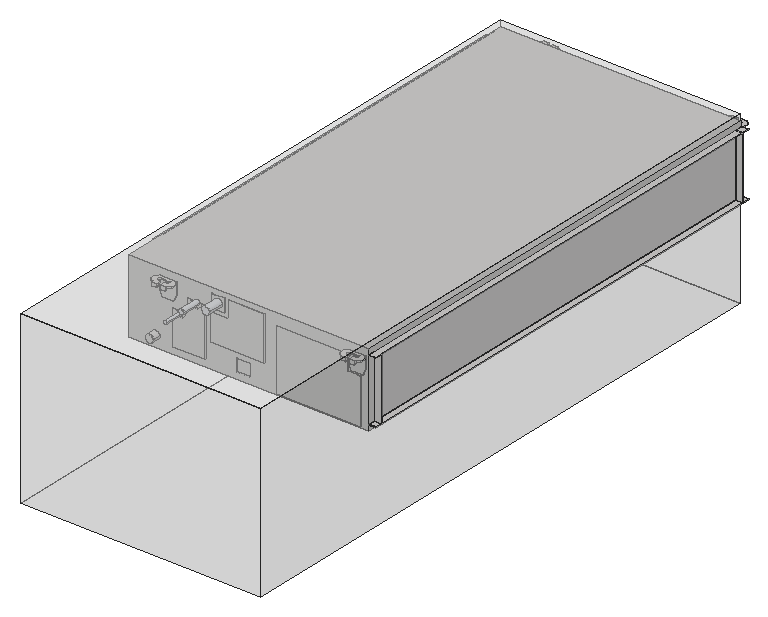
Revit family "outputfile", category 機械設備, Revit 2024
Family settings
  丸型コネクタ寸法 = 半径を使用
  パーツ タイプ = 標準
  OmniClass 番号 = 23.75.10.24.21.27.27
  OmniClass タイトル = Split System Air Conditioning Units
  作業面ベース = いいえ
  常に垂直 = はい
  ロード時にボイドで切り取り = いいえ
  注釈の向きを維持 = いいえ
  共有 = いいえ
  部屋計算ポイント = はい
Parameters (values of type "FXSQ140PAV4")
  Description = ""
  製造元 = "Daikin"
  書き出し IFC クラス(タイプ) = "IfcUnitaryEquipmentType"
  定義済み IFC タイプ(タイプ) = "AIRCONDITIONINGUNIT"
  Cost = 0
  モデル = "FXSQ140PAV4"
  Type Comments = ""
  Keynote = ""
  Type Image = (empty or 0)
  Assembly Code = ""
  r_Liquid Pipe Size = Liquid Pipe Size / 2  # 4.75 mm
  r_Gas Pipe Size = Gas Pipe Size / 2  # 7.95 mm
  r_Drain Pipe Size = Drain Pipe Size / 2  # 12.5 mm
  lw_power = 770.0 mm  # constant formula
  lh_SA = 138.0 mm  # constant formula
  lw_SA = if(Depth = 550.0 mm, 225.0 mm, if(Depth = 700.0 mm, 300.0 mm, if(Depth = 1000.0 mm, 450.0 mm, if(Depth = 1400.0 mm, 650.0 mm, 725.0 mm))))  # 725.0 mm
  lw_RA = if(Depth = 550.0 mm, 275.0 mm, if(Depth = 700.0 mm, 349.0 mm, if(Depth = 1000.0 mm, 499.0 mm, if(Depth = 1400.0 mm, 699.0 mm, 775.0 mm))))  # 775.0 mm
  lh_power = 60.0 mm + [h***]  # 60.0 mm
  lh_mountinghole1 = lh_mountinghole + [h***]  # 222.0 mm
  lh_RA = 123.0 mm  # constant formula
  ld_power = Depth / 2  # 775.0 mm
  Voltage_comment_60Hz = "220"
  Voltage_comment_50Hz = "220-240"
  Voltage_60Hz = 220 V
  Voltage_50Hz = 220 V
  URL = ""
  Supply Air Direction [instance] = yes
  Sound Power Level_H speed (dB) = 71
  Phase_60Hz = 1
  Phase_50Hz = 1
  Minimum External Static Pressure = 50.00 Pa
  Minimum Circuit Amps_60Hz = 3.1 A
  Minimum Circuit Amps_50Hz = 3.1 A
  Maximum Fuse Amps_60Hz = 16.0 A
  Maximum Fuse Amps_50Hz = 16.0 A
  Maximum External Static Pressure = 140.00 Pa
  Material_Casing = DAIKIN_GalvanizedSteel_Casing_indoorunit
  lw_mountinghole = 630.0 mm  # constant formula
  lh_gaspipe = 183.0 mm + [h***]  # 183.0 mm
  lh_mountinghole = 222.0 mm  # constant formula
  lh_liquidpipe = 136.0 mm + [h***]  # 136.0 mm
  lh_drainpipe = 207.0 mm + [h***]  # 207.0 mm
  lh_antena = Height - lh_mountinghole + 1.0 mm  # 24.0 mm
  ld_drainpipe = Depth / 2 + 53.0 mm  # 828.0 mm
  ld_liquidpipe = Depth / 2 + 69.0 mm  # 844.0 mm
  ld_gaspipe = Depth / 2 + 65.0 mm  # 840.0 mm
  ld_mountinghole = Depth + 38.0 mm  # 1588.0 mm
  h*** = 0.0 mm  # constant formula
  lw_liquidpipe = 179.0 mm  # constant formula
  lw_gaspipe = 229.0 mm  # constant formula
  lw_drainpipe = 300.0 mm  # constant formula
  Width = 800.0 mm
  Version = "ver.1.0"
  Unit Type = "Middle Static Pressure Duct Type"
  Unit Mass Weight = 52.00 kg
  Unit Designation [instance] = ""
  Uniclass2015Version = "Products v1.30"
  Uniclass2015Title = "Variable refrigerant flow units"
  Uniclass2015Code = "Pr_70_65_03_94"
  Total Heating Capacity [instance] = 0.000 kW
  Total Cooling Capacity [instance] = 0.000 kW
  Sound Pressure Level_M speed (dBA) = 0
  Sound Pressure Level_L speed (dBA) = 36
  Sound Pressure Level_H speed (dBA) = 43
  Series = "VRV Fan Coil Unit"
  Sensible Cooling Capacity [instance] = 0.000 kW
  SA Duct Size Width = if(Depth = 550.0 mm, 337.0 mm, if(Depth = 700.0 mm, 492.0 mm, if(Depth = 1000.0 mm, 792.0 mm, if(Depth = 1400.0 mm, 1192.0 mm, 1337.0 mm))))  # 1337.0 mm
  SA Duct Size Height = 176.0 mm
  Refrigerant Type = "R410A"
  RA Duct Size Width = if(Depth = 550.0 mm, 502.0 mm, if(Depth = 700.0 mm, 654.0 mm, if(Depth = 1000.0 mm, 952.0 mm, if(Depth = 1400.0 mm, 1352.0 mm, 1502.0 mm))))  # 1502.0 mm
  RA Duct Size Height = 208.0 mm
  Power Input (Heating) = 0.406 kW
  Power Input (Cooling) = 0.411 kW
  Option Accessory 3 [instance] = ""
  Option Accessory 2 [instance] = ""
  Option Accessory 1 [instance] = ""
  Nominal Heating Capacity = 18.000 kW
  Nominal Cooling Capacity = 16.000 kW
  Minimum Airflow = 1680.00 m³/h
  Median Airflow = 2010.00 m³/h
  Maximum Airflow = 2340.00 m³/h
  Load Classification = HVAC
  Liquid Pipe Size = 9.5 mm
  Link_Nested Family [instance] = ""
  IfcVersion = "0"
  IfcExportType = "AIRCONDITIONINGUNIT"
  IfcExportAs = "IfcUnitaryEquipmentType"
  Height = 245.0 mm
  Heating Entering Wet Bulb Temperature [instance] = 0.00 °C
  Heating Entering Dry Bulb Temperature [instance] = 0.00 °C
  Heating Ambient Wet Bulb Temperature [instance] = 0.00 °C
  Heating Ambient Dry Bulb Temperature [instance] = 0.00 °C
  Heat Exchanger Type = "Cross Fin Coil"
  Gas Pipe Size = 15.9 mm
  Frequency_60Hz = 60 Hz
  Frequency_50Hz = 50 Hz
  Fan Type = "Sirocco Fan"
  Fan Drive = "Direct Drive"
  FCU Tag No. [instance] = ""
  Drain Pipe Size = 25.0 mm
  Design Supply Airflow [instance] = 0.00 m³/h
  Design Return Airflow [instance] = 0.00 m³/h
  Design External Static Pressure [instance] = 0.00 Pa
  Depth = 1550.0 mm
  既定の高さ = 0.0 mm
  Cooling Entering Wet Bulb Temperature [instance] = 0.00 °C
  Cooling Entering Dry Bulb Temperature [instance] = 0.00 °C
  Cooling Ambient Wet Bulb Temperature [instance] = 0.00 °C
  Cooling Ambient Dry Bulb Temperature [instance] = 0.00 °C
  Clearance visibility [instance] = yes
  Clearance Top = 20.0 mm
  Clearance Right = 0.0 mm
  Clearance Rear = 0.0 mm
  Clearance Left = 0.0 mm
  Clearance Front = 450.0 mm
  Clearance Bottom = 300.0 mm
Reference planes
  plane 1 "Center (Front/Back)": y = 0
  plane 2 "h": z = 0
  plane 3 "Center (Left/Right)": x = 0
  plane 4 "Back": y = 775
  plane 5 "Front": y = -775
  plane 6 "Left": x = -400
  plane 7 "Reight": x = 400
  plane 8 "Top": z = 0
  plane 9 "Bottom": z = -245
  plane 10: y = -215
  plane 11: y = 775
  plane 12: y = -1225
  plane 13: x = -400
  plane 14: x = 400
  plane 15: z = 20
  plane 16: z = -545
  plane 17: x = -400
  plane 18: x = -399
  plane 19: x = 399
  plane 20: y = 50
  plane 21: y = 0
  plane 22: z = -122
  plane 23: y = -776
  plane 24: z = -109
  plane 25: x = -221
  plane 26: y = -840
  plane 27: z = -62
  plane 28: x = -171
  plane 29: y = -828
  plane 30: z = -38
  plane 31: x = -100
  plane 32: x = -100
  plane 33: x = -221
  plane 34: x = -171
  plane 35: x = 370
  plane 36: x = -266
  plane 37: x = 364
  plane 38: y = -794
  plane 39: y = 794
  plane 40: z = -23
  plane 41: z = -107
  plane 42: y = -844
  plane 43: z = -207
  plane 44: x = -309
  plane 45: y = -801
  plane 46: x = -251
  plane 47: x = -203
  plane 48: x = -144
  plane 49: z = -59
  plane 50: z = -106
  plane 51: z = -221
  plane 52: z = -109
  plane 53: x = -221
  plane 54: z = -62
  plane 55: x = -171
  plane 56: z = -17
  plane 57: z = -59
  plane 58: x = -121
  plane 59: x = -79
  plane 60: x = -125
  plane 61: x = -64
  plane 62: x = 53
  plane 63: z = -164
  plane 64: z = -73
  plane 65: z = -16
  plane 66: x = 93.5
  plane 67: x = 374.5
  plane 68: x = 330
  plane 69: z = -88.5
  plane 70: z = -38
  plane 71: z = -242.5
  plane 72: x = -38.5
  plane 73: x = 6.5
  plane 74: z = -181
  plane 75: z = -221
  plane 76: y = -774
  plane 77: x = -424
  plane 78: x = 424
Forms (mm)
  Extrusion 1, solid, material "DAIKIN_GalvanizedSteel_Casing_indoorunit" <- "Material_Casing"
    sketch origin (0, 0, 0) x (1, 0, 0) y (0, 1, 0)
      loop
        line (-399, 775) -> (-399, -775) -> (399, -775) -> (399, 775) -> (-399, 775)
    from -245 to 0
  Extrusion 2, solid, material "DAIKIN_GalvanizedSteel_Casing_indoorunit" <- "Material_Casing"
    sketch origin (0, 0, 0) x (1, 0, 0) y (0, 0, 1)
      loop
        line (-251, -221) -> (-144, -221) -> (-144, -59) -> (-154.47, -59)
        arc (-154.47, -59) -> (-171, -78.8) -> (-187.53, -59) r 16.8
        line (-187.53, -59) -> (-203, -59) -> (-203, -106) -> (-206.916, -106)
        arc (-206.916, -106) -> (-221, -123.4) -> (-235.084, -106) r 14.4
        line (-235.084, -106) -> (-251, -106) -> (-251, -221)
    from 775 to 776
  Extrusion 3, solid, material "DAIKIN_GalvanizedSteel_Casing_indoorunit" <- "Material_Casing"
    sketch origin (0, 0, 0) x (1, 0, 0) y (0, 0, 1)
      loop
        line (-121, -17) -> (-121, -59) -> (-79, -59) -> (-79, -17) -> (-121, -17)
      loop
        line (-125, -73) -> (-125, -164) -> (53, -164) -> (53, -16) -> (-64, -16) -> (-64, -73) -> (-125, -73)
    from 775 to 776
  Extrusion 4, solid, material "DAIKIN_GalvanizedSteel_Casing_indoorunit" <- "Material_Casing"
    sketch origin (0, 0, 0) x (1, 0, 0) y (0, 0, 1)
      loop
        line (93.5, -38) -> (93.5, -242.5) -> (374.5, -242.5) -> (374.5, -88.5) -> (330, -88.5) -> (330, -38) -> (93.5, -38)
    from 775 to 776
  Extrusion 5, solid
    sketch origin (0, 0, 0) x (1, 0, 0) y (0, 0, 1)
      loop
        circle (-221, -109) r 4.75
    from 775 to 844
  Extrusion 6, solid
    sketch origin (0, 0, 0) x (1, 0, 0) y (0, 0, 1)
      loop
        circle (-171, -62) r 7.95
    from 775 to 840
  Extrusion 7, solid
    sketch origin (0, 0, 0) x (1, 0, 0) y (0, 0, 1)
      loop
        circle (-100, -38) r 12.5
    from 776 to 828
  Extrusion 8, solid, material "DAIKIN_GalvanizedSteel_Casing_indoorunit" <- "Material_Casing"
    sketch origin (0, 0, 0) x (1, 0, 0) y (0, 0, 1)
      loop
        circle (-309, -207) r 13
    from 775 to 801
  Extrusion 9, void
    sketch origin (0, 0, 0) x (1, 0, 0) y (0, 0, 1)
      loop
        line (-38.5, -181) -> (-38.5, -221) -> (6.5, -221) -> (6.5, -181) -> (-38.5, -181)
    from 774 to 775
Cuts and joins
  Extrusion 9 cuts Extrusion 1
Dimensions and locks
  "Height": plane 8 "Top" to plane 9 "Bottom"
  equal spacing: plane 4 "Back", plane 1 "Center (Front/Back)", plane 5 "Front"
  "Depth": plane 4 "Back" to plane 5 "Front"
  equal spacing: plane 6 "Left", plane 3 "Center (Left/Right)", plane 7 "Reight"
  "Width": plane 6 "Left" to plane 7 "Reight"
  "Clearance Left": plane 13 to plane 6 "Left"
  "Clearance Right": plane 7 "Reight" to plane 14
  "Clearance Rear": plane 11 to plane 4 "Back"
  "Clearance Front": plane 5 "Front" to plane 12
  "Clearance Top": plane 15 to plane 8 "Top"
  "Clearance Bottom": plane 9 "Bottom" to plane 16
  locked: plane 17 to plane 18 at 1
  locked: plane 19 to plane 14 at 1
  "lw_SA": plane 11 to plane 20
  "lw_RA": plane 21 to plane 5 "Front"
  "lh_RA": plane 22 to plane 9 "Bottom"
  locked: plane 5 "Front" to plane 23 at 1
  "lw_liquidpipe": plane 25 to plane 6 "Left"
  "lh_liquidpipe": plane 24 to plane 9 "Bottom"
  "lh_gaspipe": plane 27 to plane 9 "Bottom"
  "lw_gaspipe": plane 28 to plane 6 "Left"
  "ld_gaspipe": plane 26 to plane 1 "Center (Front/Back)"
  "ld_drainpipe": plane 29 to plane 1 "Center (Front/Back)"
  "lh_drainpipe": plane 30 to plane 9 "Bottom"
  "lw_drainpipe": plane 31 to plane 6 "Left"
  "lw_drainpipe": plane 6 "Left" to plane 32
  "lw_liquidpipe": plane 6 "Left" to plane 33
  "lw_gaspipe": plane 6 "Left" to plane 34
  "lw_power": plane 6 "Left" to plane 35
  locked: plane 17 to plane 36 at 134
  "lw_mountinghole": plane 36 to plane 37
  equal spacing: plane 38, plane 1 "Center (Front/Back)", plane 39
  "ld_mountinghole": plane 39 to plane 38
  "lh_mountinghole": plane 40 to plane 9 "Bottom"
  "lh_SA": plane 41 to plane 9 "Bottom"
  "ld_liquidpipe": plane 21 to plane 42
  locked: plane 44 to plane 6 "Left" at 91
  locked: plane 43 to plane 9 "Bottom" at 38
  locked: plane 5 "Front" to plane 45 at 26
  plane 48 to plane 47 to plane 46 to plane 6 "Left" = 59.0 mm, 48.0 mm, 149.0 mm
  plane 8 "Top" to plane 49 to plane 50 to plane 51 = 59.0 mm locked, 47.0 mm locked, 115.0 mm locked
  plane 55 to plane 53 to plane 6 "Left" = 50.0 mm locked, 179.0 mm locked
  plane 54 to plane 52 to plane 9 "Bottom" = 47.0 mm locked, 136.0 mm locked
  plane 59 to plane 58 to plane 6 "Left" = 42.0 mm locked, 279.0 mm locked
  plane 8 "Top" to plane 56 to plane 57 = 17.0 mm locked, 42.0 mm locked
  plane 62 to plane 61 to plane 60 to plane 6 "Left" = 117.0 mm, 61.0 mm, 275.0 mm
  plane 8 "Top" to plane 65 to plane 64 = 16.0 mm locked, 57.0 mm locked
  locked: plane 65 to plane 63 at 148
  plane 8 "Top" to plane 70 to plane 69 to plane 71 = 38.0 mm locked, 50.5 mm locked, 154.0 mm locked
  plane 67 to plane 68 to plane 66 to plane 6 "Left" = 44.5 mm locked, 236.5 mm locked, 493.5 mm locked
  plane 8 "Top" to plane 74 to plane 75 = 181.0 mm locked, 40.0 mm locked
  plane 73 to plane 72 to plane 6 "Left" = 45.0 mm, 361.5 mm
  locked: plane 76 to plane 5 "Front" at 1
  locked: plane 77 to plane 17 at 24
  locked: plane 14 to plane 78 at 24
  locked: Extrusion 4 sketch curve to plane 9 "Bottom" at 2.5
  "r_Liquid Pipe Size": radius of Extrusion 5 sketch curve
  "r_Gas Pipe Size": radius of Extrusion 6 sketch curve
  "r_Drain Pipe Size": radius of Extrusion 7 sketch curve
  aligned and locked: level to plane 2 "h"
  aligned and locked: plane 8 "Top" to Extrusion 1
  aligned and locked: Extrusion 1 to plane 9 "Bottom"
  aligned and locked: nested 5 to plane 12
  aligned and locked: plane 13 to nested 5
  aligned and locked: plane 14 to nested 5
  aligned and locked: nested 5 to plane 13
  aligned and locked: plane 11 to nested 5
  aligned and locked: plane 15 to nested 5
  aligned and locked: plane 16 to nested 5
  aligned and locked: plane 5 "Front" to Extrusion 1 sketch curve
  aligned and locked: Extrusion 1 to plane 18
  aligned and locked: plane 19 to Extrusion 1
  aligned and locked: nested 7 to plane 18
  aligned and locked: nested 7 to plane 20
  aligned and locked: plane 19 to nested 8
  aligned and locked: plane 21 to nested 8
  aligned and locked: plane 22 to nested 8
  aligned and locked: Extrusion 2 to plane 23
  aligned and locked: plane 5 "Front" to Extrusion 2
  aligned and locked: Extrusion 3 to plane 23
  aligned and locked: plane 5 "Front" to Extrusion 3
  aligned and locked: plane 5 "Front" to Extrusion 4
  aligned and locked: Extrusion 5 sketch curve to plane 25
  aligned and locked: plane 24 to Extrusion 5 sketch curve
  aligned and locked: plane 5 "Front" to Extrusion 5
  aligned and locked: Extrusion 6 sketch curve to plane 28
  aligned and locked: plane 27 to Extrusion 6 sketch curve
  aligned and locked: plane 5 "Front" to Extrusion 6
  aligned and locked: Extrusion 7 sketch curve to plane 31
  aligned and locked: Extrusion 7 sketch curve to plane 30
  aligned and locked: Extrusion 7 to plane 29
  aligned and locked: plane 23 to Extrusion 7
  aligned and locked: nested 3 to plane 29
  aligned and locked: nested 3 to plane 32
  aligned and locked: nested 2 to plane 33
  aligned and locked: nested 1 to plane 34
  aligned and locked: Extrusion 6 to plane 26
  aligned and locked: nested 1 to plane 26
  aligned and locked: nested 6 to plane 5 "Front"
  aligned and locked: nested 6 to plane 35
  aligned and locked: plane 36 to nested 10
  aligned and locked: nested 10 to plane 5 "Front"
  aligned and locked: plane 37 to nested 9
  aligned and locked: nested 9 to plane 5 "Front"
  aligned and locked: nested 11 to plane 36
  aligned and locked: plane 4 "Back" to nested 11
  aligned and locked: nested 12 to plane 37
  aligned and locked: plane 4 "Back" to nested 12
  aligned and locked: plane 40 to nested 10
  aligned and locked: plane 40 to nested 11
  aligned and locked: plane 40 to nested 9
  aligned and locked: plane 40 to nested 12
  aligned and locked: plane 36 to nested 14
  aligned and locked: nested 14 to plane 39
  aligned and locked: plane 37 to nested 13
  aligned and locked: nested 13 to plane 39
  aligned and locked: plane 37 to nested 16
  aligned and locked: plane 38 to nested 16
  aligned and locked: plane 38 to nested 15
  aligned and locked: plane 36 to nested 15
  aligned and locked: plane 17 to plane 6 "Left"
  aligned and locked: plane 41 to nested 7
  aligned and locked: Extrusion 5 to plane 42
  aligned and locked: nested 2 to plane 42
  aligned and locked: Extrusion 8 sketch curve to plane 44
  aligned and locked: plane 43 to Extrusion 8 sketch curve
  aligned and locked: plane 5 "Front" to Extrusion 8
  aligned and locked: plane 45 to Extrusion 8
  aligned and locked: Extrusion 3 sketch curve to plane 56
  aligned and locked: Extrusion 3 sketch curve to plane 58
  aligned and locked: plane 57 to Extrusion 3 sketch curve
  aligned and locked: plane 59 to Extrusion 3 sketch curve
  aligned and locked: Extrusion 4 to plane 23
  aligned and locked: Extrusion 9 sketch curve to plane 74
  aligned and locked: plane 75 to Extrusion 9 sketch curve
  aligned and locked: plane 73 to Extrusion 9 sketch curve
  aligned and locked: plane 5 "Front" to Extrusion 9
  aligned and locked: plane 76 to Extrusion 9
  aligned and locked: nested 17 to plane 20
  aligned and locked: nested 17 to plane 77
  aligned and locked: plane 21 to nested 18
  aligned and locked: plane 78 to nested 18
  aligned and locked: plane 41 to nested 17
  aligned and locked: nested 18 to plane 22
  aligned and locked: nested 4 to plane 3 "Center (Left/Right)"
  aligned and locked: plane 1 "Center (Front/Back)" to nested 4
  aligned and locked: level to plane 8 "Top"
Automatic sketch dimensions
  plane 6 "Left" to Extrusion 1 sketch curve = 1.0 mm
  Extrusion 1 sketch curve to plane 7 "Reight" = 1.0 mm
  Extrusion 1 sketch curve to plane 4 "Back" = 0.0 mm
  Extrusion 2 sketch curve to plane 46 = 0.0 mm
  Extrusion 2 sketch curve to plane 33 = 0.0 mm
  Extrusion 2 sketch curve to plane 47 = 0.0 mm
  Extrusion 2 sketch curve to plane 34 = 0.0 mm
  Extrusion 2 sketch curve to plane 48 = 0.0 mm
  Extrusion 2 sketch curve to plane 52 = 0.0 mm
  Extrusion 2 sketch curve to plane 50 = 0.0 mm  (x3)
  Extrusion 2 sketch curve to plane 54 = 0.0 mm
  Extrusion 2 sketch curve to plane 49 = 0.0 mm  (x3)
  plane 33 to Extrusion 2 sketch curve = 14.084 mm
  plane 34 to Extrusion 2 sketch curve = 16.53 mm
  Extrusion 3 sketch curve to plane 60 = 0.0 mm
  Extrusion 3 sketch curve to plane 61 = 0.0 mm
  Extrusion 3 sketch curve to plane 62 = 0.0 mm
  Extrusion 3 sketch curve to plane 64 = 0.0 mm
  Extrusion 3 sketch curve to plane 65 = 0.0 mm
  Extrusion 4 sketch curve to plane 66 = 0.0 mm
  Extrusion 4 sketch curve to plane 68 = 0.0 mm
  Extrusion 4 sketch curve to plane 67 = 0.0 mm
  Extrusion 4 sketch curve to plane 69 = 0.0 mm
  Extrusion 4 sketch curve to plane 70 = 0.0 mm
  Extrusion 9 sketch curve to plane 72 = 0.0 mm
  Extrusion 2 sketch curve to plane 51 = 0.0 mm
  Extrusion 3 sketch curve to plane 63 = 0.0 mm
  radius of Extrusion 8 sketch curve = 13.0 mm
Nested families
  nested 1: "daikin_connector_rotate2" at (-171, 0, -62), length <- "ld_gaspipe", built-in parameter 1001364 <- "lh_gaspipe", radius <- "r_Gas Pipe Size", type "daikin_connector_rotate2"
    with radius 7.95 mm, length 840.0 mm, angle_vertical 90.00°
  nested 2: "daikin_connector_rotate2" at (-221, 0, -109), length <- "ld_liquidpipe", built-in parameter 1001364 <- "lh_liquidpipe", radius <- "r_Liquid Pipe Size", type "daikin_connector_rotate2"
    with radius 4.75 mm, length 844.0 mm, angle_vertical 90.00°
  nested 3: "daikin_connector_rotate2" at (-100, 0, -38), length <- "ld_drainpipe", built-in parameter 1001364 <- "lh_drainpipe", radius <- "r_Drain Pipe Size", type "daikin_connector_rotate2"
    with radius 12.5 mm, length 828.0 mm, angle_vertical 90.00°
  nested 4: "daikin_△_symbolicline" at (0, 0, 245) x (0, -1, 0) z (0, 0, 1), built-in parameter 1001364 <- "Height", visible <- "Supply Air Direction", type "daikin_△_symbolicline"
    with length 200.0 mm
  nested 5: "daikin_clearancespace" at (0, -225, -262.381), visible <- "Clearance visibility", show <- "Clearance visibility", Link_Nested Family <- "Link_Nested Family", type "daikin_clearancespace"
    with width 800.0 mm, show yes, height 565.0 mm, depth 2000.0 mm, Link_Nested Family ""
  nested 6: "daikin_connector_rotate2" at (370, 0, -185), built-in parameter 1001364 <- "lh_power", length <- "ld_power", type "daikin_connector_rotate2"
    with radius 10.0 mm, length 775.0 mm, angle_vertical 90.00°
  nested 7: "daikin_ductflange_FXSQ-PAV4_2" at (-399, 50, -107) x (0, -1, 0) z (0, 0, 1), type "daikin_ductflange_FXSQ-PAV4_2"
    with width 1337.0 mm, w 1550.0 mm
  nested 8: "daikin_ductflange_FXSQ-PAV4_1" at (399, 0, -122) x (0, 1, 0) z (0, 0, 1), type "daikin_ductflange_FXSQ-PAV4_1"
    with width 1502.0 mm, w 1550.0 mm
  nested 9: "daikin_hangerfixture_FXSQ-PAV4" at (364, -775, -23), type "daikin_hangerfixture_FXSQ-PAV4"
  nested 10: "daikin_hangerfixture_FXSQ-PAV4" at (-266, -775, -23), type "daikin_hangerfixture_FXSQ-PAV4"
  nested 11: "daikin_hangerfixture_FXSQ-PAV4" at (-266, 775, -23) x (-1, 0, 0) z (0, 0, 1), type "daikin_hangerfixture_FXSQ-PAV4"
  nested 12: "daikin_hangerfixture_FXSQ-PAV4" at (364, 775, -23) x (-1, 0, 0) z (0, 0, 1), type "daikin_hangerfixture_FXSQ-PAV4"
  nested 13: "daikin_mountinghole" at (364, 794, -245), h_mountinghole <- "lh_mountinghole1", l_antenna <- "lh_antena", Link_Nested Family <- "Link_Nested Family", type "daikin_mountinghole"
    with show yes, l_antenna 24.0 mm, h_mountinghole 222.0 mm, Link_Nested Family ""
  nested 14: "daikin_mountinghole" at (-266, 794, -245), h_mountinghole <- "lh_mountinghole1", l_antenna <- "lh_antena", Link_Nested Family <- "Link_Nested Family", type "daikin_mountinghole"
    with show yes, l_antenna 24.0 mm, h_mountinghole 222.0 mm, Link_Nested Family ""
  nested 15: "daikin_mountinghole" at (-266, -794, -245), h_mountinghole <- "lh_mountinghole1", l_antenna <- "lh_antena", Link_Nested Family <- "Link_Nested Family", type "daikin_mountinghole"
    with show yes, l_antenna 24.0 mm, h_mountinghole 222.0 mm, Link_Nested Family ""
  nested 16: "daikin_mountinghole" at (364, -794, -245), h_mountinghole <- "lh_mountinghole1", l_antenna <- "lh_antena", Link_Nested Family <- "Link_Nested Family", type "daikin_mountinghole"
    with show yes, l_antenna 24.0 mm, h_mountinghole 222.0 mm, Link_Nested Family ""
  nested 17: "daikin_connector_rotate2" at (-400, 50, -107) x (0, -1, 0) z (0, 0, 1), type "daikin_connector_rotate2"
    with radius 10.0 mm, length 24.0 mm, angle_vertical 90.00°
  nested 18: "daikin_connector_rotate2" at (400, 0, -122) x (0, 1, 0) z (0, 0, 1), type "daikin_connector_rotate2"
    with radius 10.0 mm, length 24.0 mm, angle_vertical 90.00°
Connectors
  piping at (-100, -828, -38), diameter 25, driven by "r_Drain Pipe Size"
    settings: on nested 3, index 3, connector inside diameter 609.6 mm, connector length 0.0 mm, flow factor 0, pipe flow 0.00 m³/h, pressure drop 0.0 Pa, fitting loss kfactor 0, connector angle 0.00°, fixture units 0, engagement length 0.0 mm, angle of deflection 0.00°, flow configuration 1, flow direction 2, fitting loss method 4, system type 16, joint type 0, gender type 0, connector reference index -1, connector utility 0, adjustable connector no, is connector primary yes, connector description "Condensate Drain Piping"
  piping at (-171, -840, -62), diameter 15.9, driven by "r_Gas Pipe Size"
    settings: on nested 1, index 4, connector inside diameter 609.6 mm, connector length 0.0 mm, flow factor 0, pipe flow 0.00 m³/h, pressure drop 0.0 Pa, fitting loss kfactor 0, connector angle 0.00°, fixture units 0, engagement length 0.0 mm, angle of deflection 0.00°, flow configuration 1, flow direction 2, fitting loss method 0, system type 29, joint type 0, gender type 0, connector reference index -1, connector utility 0, adjustable connector no, is connector primary no, connector description "Refrigerant Gas Piping"
  piping at (-221, -844, -109), diameter 9.5, driven by "r_Liquid Pipe Size"
    settings: on nested 2, index 5, connector inside diameter 609.6 mm, connector length 0.0 mm, flow factor 0, pipe flow 0.00 m³/h, pressure drop 0.0 Pa, fitting loss kfactor 0, connector angle 0.00°, fixture units 0, engagement length 0.0 mm, angle of deflection 0.00°, flow configuration 1, flow direction 1, fitting loss method 0, system type 29, joint type 0, gender type 0, connector reference index -1, connector utility 0, adjustable connector no, is connector primary no, connector description "Refrigerant Liquid Piping"
  electrical at (370, -775, -185), driven by "Load Classification"
    settings: on nested 6, index 6, voltage 0 V, apparent load 0 VA, apparent load phase1 0 VA, apparent load phase2 0 VA, apparent load phase3 0 VA, power factor 1, load classification "HVAC", number of poles 1, system type 30, power factor state 1, is connector primary yes, connector utility no, sub classification motor no, connector description "Power Supply"
  hvac at (-424, 50, -107), driven by "SA Duct Size Height", driven by "SA Duct Size Width"
    settings: on nested 17, index 7, duct flow 0.00 m³/h, flow factor 0, pres drop 0.00 Pa, loss coef 0, conn angle 0.00°, conn width 1337.0 mm, conn height 176.0 mm, conn diameter 609.6 mm, duct sys type 1, conn prof type 1, flow config 0, flow direction 2, loss method 4, conn ref index -1, conn util no, is conn primary yes, conn desc "SA Duct"
  hvac at (424, 0, -122), driven by "RA Duct Size Height", driven by "RA Duct Size Width"
    settings: on nested 18, index 8, duct flow 0.00 m³/h, flow factor 0, pres drop 0.00 Pa, loss coef 0, conn angle 0.00°, conn width 1502.0 mm, conn height 208.0 mm, conn diameter 609.6 mm, duct sys type 2, conn prof type 1, flow config 0, flow direction 1, loss method 4, conn ref index -1, conn util no, is conn primary no, conn desc "RA Duct"
Definition of nested family "daikin_clearancespace"
  Parameters (values of type "daikin_clearancespace")
    width [instance] = 1823.963 mm
    show [instance] = yes
    material = none
    height [instance] = 1359.762 mm
    depth [instance] = 880.0 mm
    Default Elevation = 0.0 mm
    Link_Nested Family [instance] = ""
  Reference planes
    plane 1 "Center (Front/Back)": y = 0
    plane 2 "Center (Elevation)": z = -0.119
    plane 3 "Center (Left/Right)": x = 0
    plane 4: y = 440
    plane 5: y = -440
    plane 6 "Right": x = 911.982
    plane 7 "Left": x = -911.982
    plane 8 "Top": z = 679.762
    plane 9 "Bottom": z = -680
  Forms (mm)
    Extrusion 1, solid, material <- "material", visible <- "show"
      sketch origin (0, 0, 0) x (1, 0, 0) y (0, 1, 0)
        loop
          line (-911.982, 440) -> (-911.982, -440) -> (911.982, -440) -> (911.982, 440) -> (-911.982, 440)
      from -680 to 679.762
  Lines and regions (mm)
    symbolic lines, visible <- "show"
      curve 1: line (911.982, 440, 0) -> (-911.982, 440, 0)
      curve 2: line (-911.982, 440, 0) -> (-911.982, -440, 0)
      curve 3: line (-911.982, -440, 0) -> (911.982, -440, 0)
      curve 4: line (911.982, -440, 0) -> (911.982, 440, 0)
      curve 5: line (911.982, 0, 679.762) -> (-911.982, 0, 679.762)
      curve 6: line (911.982, 0, -680) -> (911.982, 0, 679.762)
      curve 7: line (-911.982, 0, -680) -> (911.982, 0, -680)
      curve 8: line (-911.982, 0, 679.762) -> (-911.982, 0, -680)
      curve 9: line (0, 440, 679.762) -> (0, -440, 679.762)
      curve 10: line (0, -440, 679.762) -> (0, -440, -680)
      curve 11: line (0, 440, -680) -> (0, 440, 679.762)
      curve 12: line (0, -440, -680) -> (0, 440, -680)
  Dimensions and locks
    "width": plane 7 "Left" to plane 6 "Right"
    "depth": plane 4 to plane 5
    "height": plane 8 "Top" to plane 9 "Bottom"
    equal spacing: plane 7 "Left", plane 3 "Center (Left/Right)", plane 6 "Right"
    equal spacing: plane 4, plane 1 "Center (Front/Back)", plane 5
    equal spacing: plane 8 "Top", plane 2 "Center (Elevation)", plane 9 "Bottom"
    aligned and locked: level to plane 2 "Center (Elevation)"
    aligned and locked: Extrusion 1 sketch curve to plane 4
    aligned and locked: plane 7 "Left" to Extrusion 1 sketch curve
    aligned and locked: Extrusion 1 sketch curve to plane 5
    aligned and locked: Extrusion 1 sketch curve to plane 6 "Right"
    aligned and locked: plane 8 "Top" to Extrusion 1
    aligned and locked: curve 1 to Extrusion 1
    aligned and locked: curve 2 to Extrusion 1
    aligned and locked: curve 3 to Extrusion 1
    aligned and locked: curve 4 to Extrusion 1
    aligned and locked: curve 5 to Extrusion 1
    aligned and locked: curve 6 to Extrusion 1
    aligned and locked: curve 7 to Extrusion 1
    aligned and locked: curve 8 to Extrusion 1
    aligned and locked: curve 9 to Extrusion 1
    aligned and locked: curve 10 to Extrusion 1
    aligned and locked: curve 11 to Extrusion 1
    aligned and locked: curve 12 to Extrusion 1
    aligned and locked: Extrusion 1 to plane 9 "Bottom"
Definition of nested family "daikin_ductflange_FXSQ-PAV4_2"
  Parameters (values of type "daikin_ductflange_FXMQ-PAVE2")
    width = if(w = 550.0 mm, 337.0 mm, if(w = 700.0 mm, 492.0 mm, if(w = 1000.0 mm, 792.0 mm, if(w = 1400.0 mm, 1192.0 mm, 1337.0 mm))))  # 337.0 mm
    material = none
    height = 215.0 mm
    depth = 1.0 mm
    w = 550.0 mm
    Default Elevation = 0.0 mm
  Reference planes
    plane 1 "Center (Front/Back)": y = 0
    plane 2: z = 0
    plane 3 "Center (Left/Right)": x = 0
    plane 4: z = 88
    plane 5: z = -88
    plane 6: y = -25
    plane 7: z = 106
    plane 8: z = 89
    plane 9: y = -1
    plane 10: x = -192.5
    plane 11: x = 192.5
    plane 12: z = -106
    plane 13: z = -89
    plane 14: y = -1
    plane 15: x = 168.5
    plane 16: x = -168.5
    plane 17: x = 169.5
    plane 18: z = 87
    plane 19: z = -87
    plane 20: x = -169.5
    plane 21: z = 87
    plane 22: z = -87
    plane 23: y = -1
  Forms (mm)
    Extrusion 1, solid, material <- "material"
      sketch origin (0, 0, 0) x (0, 1, 0) y (0, 0, 1)
        loop
          line (-25, 88) -> (0, 88) -> (0, 106) -> (-1, 106) -> (-1, 89) -> (-25, 89) -> (-25, 88)
      from -192.5 to 192.5
    Extrusion 2, solid, material <- "material"
      sketch origin (0, 0, 0) x (0, 1, 0) y (0, 0, 1)
        loop
          line (-25, -88) -> (-25, -89) -> (-1, -89) -> (-1, -106) -> (0, -106) -> (0, -88) -> (-25, -88)
      from -192.5 to 192.5
    Extrusion 3, solid, material <- "material"
      sketch origin (0, 0, 0) x (1, 0, 0) y (0, 0, 1)
        loop
          line (168.5, 88) -> (168.5, -88) -> (192.5, -88) -> (192.5, -87) -> (169.5, -87) -> (169.5, 87) -> (192.5, 87) -> (192.5, 88) -> (168.5, 88)
      from 0 to 25
    Extrusion 4, solid, material <- "material"
      sketch origin (0, 0, 0) x (1, 0, 0) y (0, 0, 1)
        loop
          line (-192.5, 88) -> (-192.5, 87) -> (-169.5, 87) -> (-169.5, -87) -> (-192.5, -87) -> (-192.5, -88) -> (-168.5, -88) -> (-168.5, 88) -> (-192.5, 88)
      from 0 to 25
    Extrusion 5, solid, material <- "material"
      sketch origin (0, 0, 0) x (1, 0, 0) y (0, 0, 1)
        loop
          line (-192.5, 88) -> (-192.5, -88) -> (-168.5, -88) -> (-168.5, 88) -> (-192.5, 88)
        loop
          line (192.5, 88) -> (168.5, 88) -> (168.5, -88) -> (192.5, -88) -> (192.5, 88)
      from 0 to 1
  Cuts and joins
    joined: Extrusion 1, Extrusion 2, Extrusion 3, Extrusion 4, Extrusion 5
  Dimensions and locks
    plane 4 to level to plane 5 = 88.0 mm, 88.0 mm
    locked: plane 6 to plane 1 "Center (Front/Back)" at 25
    locked: plane 9 to plane 1 "Center (Front/Back)" at 1
    locked: plane 8 to plane 4 at 1
    locked: plane 16 to plane 10 at 24
    locked: plane 17 to plane 15 at 1
    locked: plane 4 to plane 18 at 1
    locked: plane 19 to plane 5 at 1
    "width": plane 15 to plane 16
    plane 4 to plane 5 = 176.0 mm
    locked: plane 16 to plane 20 at 1
    locked: plane 4 to plane 21 at 1
    locked: plane 22 to plane 5 at 1
    locked: plane 23 to plane 1 "Center (Front/Back)" at 1
    plane 4 to level to plane 5 = 88.0 mm locked, 88.0 mm locked
    locked: plane 5 to plane 13 at 1
    locked: plane 5 to plane 12 at 18
    locked: plane 7 to plane 4 at 18
    equal spacing: plane 15, plane 3 "Center (Left/Right)", plane 16
    locked: plane 11 to plane 15 at 24
    plane 11 to plane 10 = 385.0 mm
    aligned and locked: level to plane 2
    aligned and locked: Extrusion 1 to plane 10
    aligned and locked: plane 11 to Extrusion 1
    aligned and locked: plane 5 to Extrusion 2
    aligned and locked: Extrusion 2 to plane 1 "Center (Front/Back)"
    aligned and locked: plane 15 to Extrusion 3 sketch curve
    aligned and locked: Extrusion 3 sketch curve to Extrusion 2  (x2)
    aligned and locked: Extrusion 3 sketch curve to plane 11
    aligned and locked: plane 6 to Extrusion 3
    aligned and locked: Extrusion 2 to plane 10
    aligned and locked: plane 11 to Extrusion 2
    aligned and locked: Extrusion 4 sketch curve to Extrusion 1  (x2)
    aligned and locked: plane 5 to Extrusion 4 sketch curve
    aligned and locked: Extrusion 4 sketch curve to plane 16
    aligned and locked: Extrusion 4 sketch curve to plane 22
    aligned and locked: plane 20 to Extrusion 4 sketch curve
    aligned and locked: plane 21 to Extrusion 4 sketch curve
    aligned and locked: Extrusion 4 to plane 1 "Center (Front/Back)"
    aligned and locked: plane 6 to Extrusion 4
    aligned and locked: Extrusion 5 sketch curve to Extrusion 1  (x4)
    aligned and locked: Extrusion 5 sketch curve to Extrusion 4  (x2)
    aligned and locked: Extrusion 5 sketch curve to Extrusion 3  (x2)
    aligned and locked: Extrusion 5 to plane 1 "Center (Front/Back)"
    aligned and locked: plane 23 to Extrusion 5
  Automatic sketch dimensions
    Extrusion 1 sketch curve to plane 6 = 0.0 mm
    Extrusion 1 sketch curve to plane 7 = 0.0 mm
    Extrusion 1 sketch curve to plane 9 = 0.0 mm
    Extrusion 1 sketch curve to plane 1 "Center (Front/Back)" = 0.0 mm
    Extrusion 1 sketch curve to plane 4 = 0.0 mm
    Extrusion 1 sketch curve to plane 8 = 0.0 mm
    Extrusion 2 sketch curve to plane 6 = 0.0 mm
    plane 12 to Extrusion 2 sketch curve = 0.0 mm
    Extrusion 2 sketch curve to plane 14 = 0.0 mm
    Extrusion 2 sketch curve to plane 1 "Center (Front/Back)" = 0.0 mm
    plane 13 to Extrusion 2 sketch curve = 0.0 mm
    Extrusion 2 sketch curve to plane 5 = 0.0 mm
    Extrusion 3 sketch curve to plane 17 = 0.0 mm
    Extrusion 3 sketch curve to plane 19 = 0.0 mm
    Extrusion 3 sketch curve to plane 18 = 0.0 mm
    Extrusion 3 sketch curve to plane 4 = 0.0 mm
    Extrusion 4 sketch curve to plane 10 = 0.0 mm
Definition of nested family "daikin_ductflange_FXSQ-PAV4_1"
  Parameters (values of type "daikin_ductflange_FXMQ-PAVE")
    width = if(w = 550.0 mm, 502.0 mm, if(w = 700.0 mm, 654.0 mm, if(w = 1000.0 mm, 952.0 mm, if(w = 1400.0 mm, 1352.0 mm, 1502.0 mm))))  # 502.0 mm
    material = none
    height = 208.0 mm
    depth = 1.0 mm
    w = 550.0 mm
    Default Elevation = 0.0 mm
  Reference planes
    plane 1 "Center (Front/Back)": y = 0
    plane 2: z = 0
    plane 3 "Center (Left/Right)": x = 0
    plane 4: z = 104
    plane 5: z = -104
    plane 6: y = -25
    plane 7: z = 121
    plane 8: z = 105
    plane 9: y = -1
    plane 10: x = -275
    plane 11: x = 275
    plane 12: z = -122
    plane 13: z = -105
    plane 14: y = -1
    plane 15: x = 251
    plane 16: x = -251
    plane 17: x = 252
    plane 18: z = 103
    plane 19: z = -103
    plane 20: x = -252
    plane 21: z = 103
    plane 22: z = -103
    plane 23: y = -1
  Forms (mm)
    Extrusion 1, solid, material <- "material"
      sketch origin (0, 0, 0) x (0, 1, 0) y (0, 0, 1)
        loop
          line (-25, 104) -> (0, 104) -> (0, 121) -> (-1, 121) -> (-1, 105) -> (-25, 105) -> (-25, 104)
      from -275 to 275
    Extrusion 2, solid, material <- "material"
      sketch origin (0, 0, 0) x (0, 1, 0) y (0, 0, 1)
        loop
          line (-25, -104) -> (-25, -105) -> (-1, -105) -> (-1, -122) -> (0, -122) -> (0, -104) -> (-25, -104)
      from -275 to 275
    Extrusion 3, solid, material <- "material"
      sketch origin (0, 0, 0) x (1, 0, 0) y (0, 0, 1)
        loop
          line (251, 104) -> (251, -104) -> (275, -104) -> (275, -103) -> (252, -103) -> (252, 103) -> (275, 103) -> (275, 104) -> (251, 104)
      from 0 to 25
    Extrusion 4, solid, material <- "material"
      sketch origin (0, 0, 0) x (1, 0, 0) y (0, 0, 1)
        loop
          line (-275, 104) -> (-275, 103) -> (-252, 103) -> (-252, -103) -> (-275, -103) -> (-275, -104) -> (-251, -104) -> (-251, 104) -> (-275, 104)
      from 0 to 25
    Extrusion 5, solid, material <- "material"
      sketch origin (0, 0, 0) x (1, 0, 0) y (0, 0, 1)
        loop
          line (-275, 104) -> (-275, -104) -> (-251, -104) -> (-251, 104) -> (-275, 104)
        loop
          line (275, 104) -> (251, 104) -> (251, -104) -> (275, -104) -> (275, 104)
      from 0 to 1
  Cuts and joins
    joined: Extrusion 1, Extrusion 2, Extrusion 3, Extrusion 4, Extrusion 5
  Dimensions and locks
    plane 4 to level to plane 5 = 104.0 mm, 104.0 mm
    locked: plane 6 to plane 1 "Center (Front/Back)" at 25
    locked: plane 9 to plane 1 "Center (Front/Back)" at 1
    locked: plane 8 to plane 4 at 1
    locked: plane 11 to plane 15 at 24
    locked: plane 16 to plane 10 at 24
    locked: plane 17 to plane 15 at 1
    locked: plane 4 to plane 18 at 1
    locked: plane 19 to plane 5 at 1
    "width": plane 15 to plane 16
    equal spacing: plane 15, plane 3 "Center (Left/Right)", plane 16
    locked: plane 16 to plane 20 at 1
    locked: plane 4 to plane 21 at 1
    locked: plane 22 to plane 5 at 1
    locked: plane 23 to plane 1 "Center (Front/Back)" at 1
    locked: plane 7 to plane 4 at 17
    locked: plane 1 "Center (Front/Back)" to plane 14 at 1
    locked: plane 5 to plane 13 at 1
    "height": plane 4 to plane 5
    plane 11 to plane 10 = 550.0 mm
    locked: plane 12 to plane 13 at 17
    equal spacing: plane 4, level, plane 5
    aligned and locked: level to plane 2
    aligned and locked: Extrusion 1 to plane 10
    aligned and locked: plane 11 to Extrusion 1
    aligned and locked: plane 5 to Extrusion 2
    aligned and locked: Extrusion 2 to plane 1 "Center (Front/Back)"
    aligned and locked: plane 15 to Extrusion 3 sketch curve
    aligned and locked: Extrusion 3 sketch curve to Extrusion 2  (x2)
    aligned and locked: Extrusion 3 sketch curve to plane 11
    aligned and locked: plane 6 to Extrusion 3
    aligned and locked: Extrusion 2 to plane 10
    aligned and locked: plane 11 to Extrusion 2
    aligned and locked: Extrusion 4 sketch curve to Extrusion 1  (x2)
    aligned and locked: plane 5 to Extrusion 4 sketch curve
    aligned and locked: Extrusion 4 sketch curve to plane 16
    aligned and locked: Extrusion 4 sketch curve to plane 22
    aligned and locked: plane 20 to Extrusion 4 sketch curve
    aligned and locked: plane 21 to Extrusion 4 sketch curve
    aligned and locked: Extrusion 4 to plane 1 "Center (Front/Back)"
    aligned and locked: plane 6 to Extrusion 4
    aligned and locked: Extrusion 5 sketch curve to Extrusion 1  (x4)
    aligned and locked: Extrusion 5 sketch curve to Extrusion 4  (x2)
    aligned and locked: Extrusion 5 sketch curve to Extrusion 3  (x2)
    aligned and locked: Extrusion 5 to plane 1 "Center (Front/Back)"
    aligned and locked: plane 23 to Extrusion 5
  Automatic sketch dimensions
    Extrusion 1 sketch curve to plane 6 = 0.0 mm
    Extrusion 1 sketch curve to plane 7 = 0.0 mm
    Extrusion 1 sketch curve to plane 9 = 0.0 mm
    Extrusion 1 sketch curve to plane 1 "Center (Front/Back)" = 0.0 mm
    Extrusion 1 sketch curve to plane 4 = 0.0 mm
    Extrusion 1 sketch curve to plane 8 = 0.0 mm
    Extrusion 2 sketch curve to plane 6 = 0.0 mm
    plane 12 to Extrusion 2 sketch curve = 0.0 mm
    Extrusion 2 sketch curve to plane 14 = 0.0 mm
    Extrusion 2 sketch curve to plane 1 "Center (Front/Back)" = 0.0 mm
    plane 13 to Extrusion 2 sketch curve = 0.0 mm
    Extrusion 2 sketch curve to plane 5 = 0.0 mm
    Extrusion 3 sketch curve to plane 17 = 0.0 mm
    Extrusion 3 sketch curve to plane 19 = 0.0 mm
    Extrusion 3 sketch curve to plane 18 = 0.0 mm
    Extrusion 3 sketch curve to plane 4 = 0.0 mm
    Extrusion 4 sketch curve to plane 10 = 0.0 mm
Definition of nested family "daikin_hangerfixture_FXSQ-PAV4"
  Parameters (values of type "daikin_hangerfixture_FXMQ-PAVE")
    width = 72.0 mm
    material = none
    height = 60.0 mm
    depth = 41.0 mm
    Default Elevation = 0.0 mm
  Reference planes
    plane 1 "Center (Front/Back)": y = 0
    plane 2: z = 0
    plane 3 "Center (Left/Right)": x = 0
    plane 4: y = 417.146
    plane 5: y = -41
    plane 6: x = -36
    plane 7: x = 36
    plane 8: z = -2.3
    plane 9: z = -60
    plane 10: y = -2.3
    plane 11: z = -12
    plane 12: y = -38.7
  Forms (mm)
    Extrusion 1, solid, material <- "material"
      sketch origin (0, 0, 0) x (1, 0, 0) y (0, 1, 0)
        loop
          line (-28, 0) -> (-28, -5)
          arc (-28, -5) -> (-29.127, -8.162) -> (-32, -9.899) r 5
          arc (-32, -9.899) -> (-34.873, -11.636) -> (-36, -14.798) r 5
          line (-36, -14.798) -> (-36, -27.178)
          arc (-36, -27.178) -> (-35.429, -29.499) -> (-33.846, -31.289) r 5
          line (-33.846, -31.289) -> (-23, -38.798) -> (-23, -41.098) -> (-6.5, -41.098) -> (-6.5, -28.498)
          arc (-6.5, -28.498) -> (-7.379, -26.377) -> (-9.5, -25.498) r 3
          line (-9.5, -25.498) -> (-13.5, -25.498)
          arc (-13.5, -25.498) -> (-20, -18.998) -> (-13.5, -12.498) r 6.5
          line (-13.5, -12.498) -> (13.5, -12.498)
          arc (13.5, -12.498) -> (20, -18.998) -> (13.5, -25.498) r 6.5
          line (13.5, -25.498) -> (9.5, -25.498)
          arc (9.5, -25.498) -> (7.379, -26.377) -> (6.5, -28.498) r 3
          line (6.5, -28.498) -> (6.5, -41.098) -> (23, -41.098) -> (23, -38.798) -> (33.846, -31.289)
          arc (33.846, -31.289) -> (35.429, -29.499) -> (36, -27.178) r 5
          line (36, -27.178) -> (36, -14.596)
          arc (36, -14.596) -> (34.873, -11.434) -> (32, -9.697) r 5
          arc (32, -9.697) -> (29.127, -7.96) -> (28, -4.798) r 5
          line (28, -4.798) -> (28, 0) -> (-28, 0)
      from 0 to -2.3
    Extrusion 2, solid, material <- "material"
      sketch origin (0, 0, 0) x (1, 0, 0) y (0, 0, 1)
        loop
          line (28, -39.037) -> (28, 0) -> (-28, 0) -> (-28, -39.037)
          arc (-28, -39.037) -> (-27.91, -39.983) -> (-27.642, -40.894) r 5
          line (-27.642, -40.894) -> (-21.257, -56.857)
          arc (-21.257, -56.857) -> (-19.418, -59.14) -> (-16.615, -60) r 5
          line (-16.615, -60) -> (16.615, -60)
          arc (16.615, -60) -> (19.418, -59.14) -> (21.257, -56.857) r 5
          line (21.257, -56.857) -> (27.642, -40.894)
          arc (27.642, -40.894) -> (27.91, -39.983) -> (28, -39.037) r 5
      from 0 to 2.3
    Extrusion 3, solid, material <- "material"
      sketch origin (0, 0, 0) x (1, 0, 0) y (0, 0, 1)
        loop
          line (-23, 0) -> (-23, -9)
          arc (-23, -9) -> (-22.121, -11.121) -> (-20, -12) r 3
          line (-20, -12) -> (-9.5, -12)
          arc (-9.5, -12) -> (-7.379, -11.121) -> (-6.5, -9) r 3
          line (-6.5, -9) -> (-6.5, 0) -> (-23, 0)
        loop
          line (23, 0) -> (6.5, 0) -> (6.5, -9)
          arc (6.5, -9) -> (7.379, -11.121) -> (9.5, -12) r 3
          line (9.5, -12) -> (20, -12)
          arc (20, -12) -> (22.121, -11.121) -> (23, -9) r 3
          line (23, -9) -> (23, 0)
      from 38.8 to 41.098
  Cuts and joins
    joined: Extrusion 1, Extrusion 2, Extrusion 3
  Dimensions and locks
    plane 2 to plane 8 = 2.3 mm
    "height": plane 2 to plane 9
    locked: plane 10 to plane 1 "Center (Front/Back)" at 2.3
    locked: plane 2 to plane 11 at 12
    locked: plane 12 to plane 5 at 2.3
    aligned and locked: level to plane 2
    aligned and locked: Extrusion 1 to plane 8
    aligned and locked: plane 2 to Extrusion 1
    aligned and locked: plane 2 to Extrusion 2 sketch curve
    aligned and locked: Extrusion 2 to plane 10
    aligned and locked: Extrusion 2 to plane 1 "Center (Front/Back)"
    aligned and locked: Extrusion 3 sketch curve to cut or joined group of Extrusion 1, Extrusion 2, Extrusion 3  (x3)
    aligned and locked: cut or joined group of Extrusion 1, Extrusion 2, Extrusion 3 to Extrusion 3
  Automatic sketch dimensions
    Extrusion 2 sketch curve to plane 7 = 8.0 mm
    Extrusion 2 sketch curve to plane 8 = 36.737 mm
    plane 6 to Extrusion 2 sketch curve = 19.385 mm
    Extrusion 1 sketch curve to plane 6 = 0.0 mm
    plane 1 "Center (Front/Back)" to Extrusion 1 sketch curve = 0.0 mm
    Extrusion 1 sketch curve to plane 7 = 0.0 mm
    plane 6 to Extrusion 1 sketch curve = 2.154 mm
    plane 6 to Extrusion 1 sketch curve = 3.0 mm
    Extrusion 1 sketch curve to Extrusion 1 sketch curve = 5.0 mm  (x3)
    Extrusion 1 sketch curve to plane 12 = 0.098 mm  (x2)
    Extrusion 1 sketch curve to Extrusion 1 sketch curve = 4.0 mm  (x2)
    Extrusion 1 sketch curve to plane 5 = 0.098 mm  (x2)
    Extrusion 1 sketch curve to plane 3 "Center (Left/Right)" = 6.5 mm
    plane 3 "Center (Left/Right)" to Extrusion 1 sketch curve = 6.5 mm
    Extrusion 1 sketch curve to Extrusion 1 sketch curve = 3.0 mm
    Extrusion 1 sketch curve to plane 7 = 8.0 mm
    Extrusion 1 sketch curve to plane 7 = 5.0 mm
    Extrusion 1 sketch curve to plane 7 = 3.0 mm
    Extrusion 1 sketch curve to plane 7 = 2.154 mm
    plane 12 to Extrusion 1 sketch curve = 7.411 mm  (x2)
    plane 12 to Extrusion 1 sketch curve = 10.202 mm  (x2)
    Extrusion 1 sketch curve to Extrusion 1 sketch curve = 6.5 mm  (x2)
    Extrusion 1 sketch curve to Extrusion 1 sketch curve = 12.38 mm
    Extrusion 1 sketch curve to plane 10 = 12.296 mm
    Extrusion 1 sketch curve to plane 10 = 2.7 mm
    Extrusion 1 sketch curve to plane 10 = 2.498 mm
    plane 6 to Extrusion 1 sketch curve = 4.0 mm
    Extrusion 1 sketch curve to Extrusion 1 sketch curve = 0.0 mm  (x2)
    Extrusion 1 sketch curve to plane 7 = 4.0 mm
    Extrusion 1 sketch curve to Extrusion 1 sketch curve = 4.111 mm
    Extrusion 3 sketch curve to level = 0.0 mm  (x2)
    Extrusion 3 sketch curve to plane 11 = 0.0 mm  (x2)
    plane 11 to Extrusion 3 sketch curve = 3.0 mm  (x2)
    plane 3 "Center (Left/Right)" to Extrusion 3 sketch curve = 6.5 mm
    Extrusion 3 sketch curve to Extrusion 3 sketch curve = 3.0 mm  (x2)
    Extrusion 2 sketch curve to plane 9 = 0.0 mm
    Extrusion 2 sketch curve to Extrusion 2 sketch curve = 11.385 mm
    plane 6 to Extrusion 2 sketch curve = 8.0 mm
    plane 9 to Extrusion 2 sketch curve = 20.963 mm
    Extrusion 2 sketch curve to Extrusion 2 sketch curve = 5.0 mm  (x2)
    plane 9 to Extrusion 2 sketch curve = 3.143 mm  (x3)
    Extrusion 2 sketch curve to Extrusion 2 sketch curve = 4.642 mm  (x2)
    Extrusion 2 sketch curve to Extrusion 2 sketch curve = 0.0 mm  (x2)
    Extrusion 2 sketch curve to Extrusion 2 sketch curve = 0.358 mm
    Extrusion 2 sketch curve to Extrusion 2 sketch curve = 1.857 mm  (x2)
Definition of nested family "daikin_connector_rotate2"
  Parameters (values of type "daikin_connector_rotate2")
    Default Elevation = 1219.2 mm
    show_face = no
    radius [instance] = 10.0 mm
    length [instance] = 600.0 mm
    d_surface = 10.0 mm
    angle_vertical [instance] = 90.00°
  Reference planes
    plane 1 "Center (Front/Back)": y = 0
    plane 2: z = 0
    plane 3 "Center (Left/Right)": x = 0
  Forms (mm)
    Extrusion 1, solid, visible <- "show_face"
      sketch origin (0, -600, 0) x (1, 0, 0) y (0, 0, 1)
        loop
          circle (0, 0) r 10
      from 0 to -10
  Lines and regions (mm)
    reference lines
      curve 1: line (0, 0, 0) -> (0, -600, 0)
    symbolic lines
      curve 2: circle (0, 0, 0) r 5 normal (0, 0, 1)
    model lines, visible <- "show_face"
      curve 3: line (0, 0, 0) -> (0, -600, 0)
  Dimensions and locks
    "length": curve 1 to curve 1
    "length": curve 3 to curve 3
    "d_surface": Extrusion 1 to Extrusion 1
    "radius": radius of Extrusion 1 sketch curve
    "angle_vertical": angle curve 1 to plane 1 "Center (Front/Back)"
    "angle_vertical": angle curve 3 to plane 1 "Center (Front/Back)"
    aligned and locked: level to plane 2
    aligned and locked: plane 1 "Center (Front/Back)" to curve 1
    aligned and locked: plane 2 to curve 1
    aligned and locked: plane 1 "Center (Front/Back)" to curve 2
    aligned and locked: plane 3 "Center (Left/Right)" to curve 2
    aligned and locked: plane 1 "Center (Front/Back)" to curve 3
    aligned and locked: plane 2 to curve 3
    aligned and locked: Extrusion 1 to Extrusion 1
  Automatic sketch dimensions
    Extrusion 1 sketch curve to level = 0.0 mm
    Extrusion 1 sketch curve to plane 3 "Center (Left/Right)" = 0.0 mm
    radius of curve 2 = 5.0 mm
Definition of nested family "daikin_△_symbolicline"
  Parameters (values of type "daikin_△_symbolicline")
    length [instance] = 200.0 mm
    Default Elevation = 0.0 mm
  Reference planes
    plane 1 "Center (Front/Back)": y = 0
    plane 2: z = 0
    plane 3 "Center (Left/Right)": x = 0
  Lines and regions (mm)
    symbolic lines
      curve 1: line (0, -173.205, 0) -> (100, 0, 0)
      curve 2: line (100, 0, 0) -> (-100, 0, 0)
      curve 3: line (-100, 0, 0) -> (0, -173.205, 0)
  Dimensions and locks
    equal spacing: curve 3, plane 3 "Center (Left/Right)", curve 2
    "length": curve 3 to curve 2
    "length": curve 3 to curve 3
    "length": curve 1 to curve 1
    aligned and locked: level to plane 2
    aligned and locked: curve 2 to plane 1 "Center (Front/Back)"
    aligned and locked: plane 3 "Center (Left/Right)" to curve 3
Definition of nested family "daikin_mountinghole"
  Parameters (values of type "daikin_mountinghole")
    Default Elevation = 1219.2 mm
    Type Comments = "mountinghole"
    show [instance] = yes
    material = none
    l_centerline = 100.0 mm
    l_antenna [instance] = 100.0 mm
    h_mountinghole [instance] = 0.0 mm
    d_circle = 30.0 mm
    Link_Nested Family [instance] = ""
  Reference planes
    plane 1 "Center (Front/Back)": y = 0
    plane 2: z = 0
    plane 3 "Center (Left/Right)": x = 0
    plane 4: y = 50
    plane 5: x = -50
    plane 6: x = 50
    plane 7: y = -50
    plane 8 "h_mountinghole": z = 0
    plane 9: z = 100
  Lines and regions (mm)
    model lines, detail levels fine
      curve 1: circle (0, 0, 0) r 15 normal (0, 0, 1)
      curve 2: line (-50, 0, 0) -> (50, 0, 0)
      curve 3: line (0, 50, 0) -> (0, -50, 0)
    symbolic lines, detail levels fine
      curve 4: circle (0, 0, 0) r 15 normal (0, 0, 1)
      curve 5: line (-50, 0, 0) -> (50, 0, 0)
      curve 6: line (0, 50, 0) -> (0, -50, 0)
    model lines
      curve 7: line (0, 0, 100) -> (0, 0, 0)
  Dimensions and locks
    equal spacing: plane 4, plane 1 "Center (Front/Back)", plane 7
    "l_centerline": plane 4 to plane 7
    equal spacing: plane 5, plane 3 "Center (Left/Right)", plane 6
    "l_centerline": plane 5 to plane 6
    "l_antenna": plane 9 to plane 8 "h_mountinghole"
    "h_mountinghole": plane 8 "h_mountinghole" to plane 2
    "d_circle": diameter of curve 1
    "d_circle": diameter of curve 4
    aligned and locked: level to plane 2
    aligned and locked: plane 1 "Center (Front/Back)" to curve 1
    aligned and locked: plane 3 "Center (Left/Right)" to curve 1
    aligned and locked: plane 1 "Center (Front/Back)" to curve 2
    aligned and locked: curve 3 to plane 3 "Center (Left/Right)"
    aligned and locked: plane 6 to curve 2
    aligned and locked: plane 5 to curve 2
    aligned and locked: plane 4 to curve 3
    aligned and locked: plane 7 to curve 3
    aligned and locked: plane 1 "Center (Front/Back)" to curve 4
    aligned and locked: plane 3 "Center (Left/Right)" to curve 4
    aligned and locked: plane 6 to curve 5
    aligned and locked: plane 5 to curve 5
    aligned and locked: plane 1 "Center (Front/Back)" to curve 5
    aligned and locked: plane 4 to curve 6
    aligned and locked: plane 7 to curve 6
    aligned and locked: curve 6 to plane 3 "Center (Left/Right)"
    aligned and locked: curve 7 to plane 3 "Center (Left/Right)"
    aligned and locked: plane 9 to curve 7
    aligned and locked: plane 8 "h_mountinghole" to curve 7
